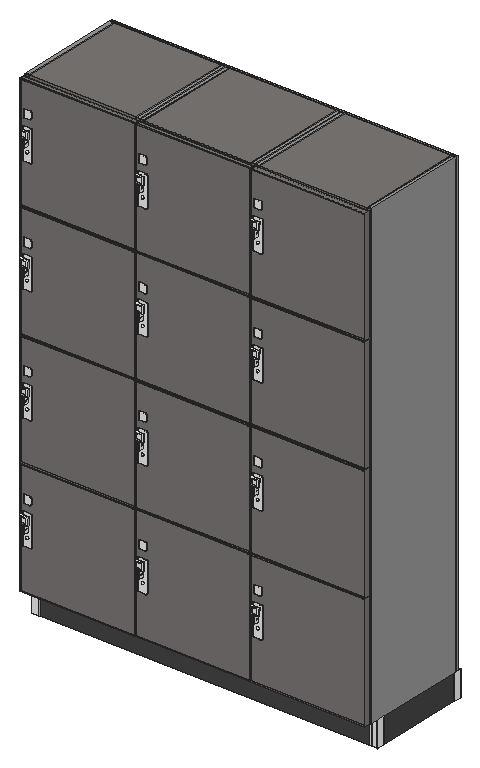
Revit family "Wood_Lockers_Hasps-Salsbury_Industries-18_44000_Series-3_Wide_Units.rfa", category Specialty Equipment, Revit 2016
Family settings
  Part Type = Normal
  Round Connector Dimension = Use Diameter
  OmniClass Number = 23.40.00.00
  OmniClass Title = Equipment and Furnishings
  Work Plane-Based = No
  Always vertical = Yes
  Cut with Voids When Loaded = No
  Shared = No
  Room Calculation Point = No
Parameters (values of type "18-44368")
  Width = 54.000"
  Version = "1.0 (01/31/24)"
  Unit Height including Sloping Hood Only [instance] = 78.868"
  Unit Height including Base Only [instance] = 76.000"
  URL = "www.lockers.com"
  Type Comments = "Premier Wood Lockers - Four Tier - with Hasps"
  Total Doors Height [instance] = if(Unit Height = 72.000", 71.750", if(Unit Height = 60.000", 59.750", 0.000"))  # 71.750"
  Sloping Top Corner Filler - Right Side [instance] = Wood Locker Sloping Corner Fillers : None
  Sloping Top Corner Filler - Left Side [instance] = Wood Locker Sloping Corner Fillers : None
  Sloping In-Line Filler - Right Side [instance] = Wood Locker Sloping In-Line Fillers : None
  Sloping In-Line Filler - Left Side [instance] = Wood Locker Sloping In-Line Fillers : None
  Sloping Hood Height = if(Depth = 15.000", 5.743", if(Depth = 18.000", 6.868", if(Depth = 21.000", 7.993", if(Depth = 24.000", 9.118", 0.000"))))  # 6.868"
  Sloping Hood [instance] = Wood Locker Sloping Hoods : None
  Side Panel without Slope - Right Side [instance] = Wood Locker Side Panels-No Slope : None
  Side Panel without Slope - Left Side [instance] = Wood Locker Side Panels-No Slope : None
  Side Panel with Slope - Right Side [instance] = Wood Locker Side Panels-With Slope : None
  Side Panel with Slope - Left Side [instance] = Wood Locker Side Panels-With Slope : None
  Secondary Structure Materials = Particle Board Industrial Grade - Salsbury Finish - Black Melamine Overlay
  Primary Structure Materials = Particle Board Industrial Grade - Salsbury Finish - Plain
  Overall Unit Height including Base and Sloping Hood [instance] = 82.868"
  OmniClass 23 Title = "Equipment and Furnishings"
  OmniClass 23 Number = "23.40.00.00"
  Model = "18-44368"
  MasterFormat Title = "Lockers"
  MasterFormat Code = "10 51 23"
  Manufacturer = "Salsbury Industries"
  Laminate Surface [instance] = Industrial Grade Particleboard with Wood Laminate - Salsbury Finish - Skyline Walnut
  Unit Height = 72.000"
  Interior Material = Textured Melamine - Salsbury Finish - White
  Individual Door Width [instance] = 17.875"
  Individual Door Height = if(Unit Height = 72.000", 17.796", if(Unit Height = 60.000", 14.796", 0.000"))  # 17.796"
  Hardware = Aluminum - Salsbury Finish - Black Satin
  Front Vertical Filler - Right Side [instance] = Wood Locker Front Fillers : None
  Front Vertical Filler - Left Side [instance] = Wood Locker Front Fillers : None
  Front Corner Filler - Right Side [instance] = Wood Locker Front Corner Filler : None
  Front Corner Filler - Left Side [instance] = Wood Locker Front Corner Filler : None
  Flat Top In-Line Filler - Right Side [instance] = Wood Locker Flat In-Line Fillers : None
  Flat Top In-Line Filler - Left Side [instance] = Wood Locker Flat In-Line Fillers : None
  Flat Top Corner Filler - Right Side [instance] = Wood Locker Flat Corner Fillers : None
  Flat Top Corner Filler - Left Side [instance] = Wood Locker Flat Corner Fillers : None
  Fascia Filler [instance] = Wood Locker Fascia Fillers : None
  Double Side Panel without Slope - Right Side [instance] = Wood Locker Double Side Panels-No Slope : None
  Double Side Panel without Slope - Left Side [instance] = Wood Locker Double Side Panels-No Slope : None
  Double Side Panel with Slope - Right Side [instance] = Wood Locker Double Side Panels-With Slope : None
  Double Side Panel with Slope - Left Side [instance] = Wood Locker Double Side Panels-With Slope : None
  Door Location D1 = Premier Locker Doors_Hasp : Four Tier Door for Six Foot High Locker
  Description = "3 Wide - 6 Feet High - 18 inches Deep - with Base"
  Depth = 18.000"
  Compartment Width [instance] = 16.750"
  Compartment Height [instance] = if(Unit Height = 72.000", 17.063", if(Unit Height = 60.000", 14.063", 0.000"))  # 17.063"
  Compartment Depth [instance] = 16.750"
  Base Material = Particle Board Industrial Grade - Salsbury Finish - Black Melamine Overlay
  Base Height = 4.000"
  Base Depth [instance] = 16.250"
  Base = Wood Locker Bases : Base - 54" W x 18" D Lockers
  Assembly Code = "C1030310"
Reference planes (in)
  plane 1 "Center (Front/Back)": y = 0
  plane 2: z = 0
  plane 3 "Center (Left/Right)": x = 0
  plane 4 "Right Side of Unit": x = 27
  plane 5 "Left Side of Unit": x = -27
  plane 6 "Back of Unit": y = 9
  plane 7 "Front of Unit": y = -9
  plane 8 "Bottom of Base": z = 0
  plane 9 "Top Edge of Unit": z = 76
  plane 10 "Top of Base Edge": z = 4
  plane 11: z = 82.868
  plane 12 "Right Compartment 3 Edge": x = 26.406
  plane 13 "Left Compartment 1 Edge": x = -26.406
  plane 14 "Front Melamine Edge": y = -8
  plane 15 "Back Compartment Edge": y = 8.781
  plane 16 "Front Compartment Edge": y = -7.969
  plane 17 "Front Edge of Base": y = -6.625
  plane 18 "Bottom Edge of Door": z = 4.125
  plane 19 "Top Edge of Door": z = 75.875
  plane 20 "Bottom Compartment Edge": z = 4.75
  plane 21 "Top Compartment Edge": z = 75.25
  plane 22 "Center Top and Bottom": z = 40
  plane 23 "Left Melamine 1 Edge": x = -26.375
  plane 24 "Right Melamine 3 Edge": x = 26.375
  plane 25 "Back Melamine Edge": y = 8.75
  plane 26 "Left Edge of Door": x = -26.875
  plane 27: y = 9.625
  plane 28: y = -7.25
  plane 29 "Base / Ventillation Alignment": y = 9.625
  plane 30 "Compartment 1-2 Dividing Line": x = -9
  plane 31 "Compartment 2-3 Dividing Line": x = 9
  plane 32 "Right Compartment 1 Edge": x = -9.594
  plane 33 "Right Melamine 1 Edge": x = -9.625
  plane 34 "Left Compartment 2 Edge": x = -8.406
  plane 35 "Left Melamine 2 Edge": x = -8.375
  plane 36 "Right Compartment 2 Edge": x = 8.406
  plane 37 "Right Melamine 2 Edge": x = 8.375
  plane 38 "Left Compartment 3 Edge": x = 9.594
  plane 39 "Left Melamine 3 Edge": x = 9.625
  plane 40 "Compartment Shelf 3": z = 22.563
  plane 41: z = 21.813
  plane 42 "Compartment Extrusion Guide": z = 3.5
  plane 43 "Vertical Center of Compartment 1": x = -18
  plane 44 "Vertical Center of Compartment 3": x = 18
  plane 45: z = 21.921
  plane 46: z = 22.109
  plane 47: z = 39.626
  plane 48 "Compartment Shelf 2": z = 40.376
  plane 49: z = 39.905
  plane 50: z = 40.093
  plane 51 "Compartment Shelf 1": z = 58.189
  plane 52: z = 57.439
  plane 53: z = 58.077
  plane 54: z = 57.889
Forms (in)
  Extrusion 1, solid, material "Particle Board Industrial Grade - Salsbury Finish - Plain" <- "Primary Structure Materials"
    sketch origin (27, 0, 0) x (0, -1, 0) y (0, 0, 1)
      loop
        line (7.969, 76) -> (-8.75, 76) -> (-8.75, 4) -> (7.969, 4) -> (7.969, 76)
    from 0 to 0.594
  Extrusion 2, solid, material "Particle Board Industrial Grade - Salsbury Finish - Plain" <- "Primary Structure Materials"
    sketch origin (-27, 0, 0) x (0, -1, 0) y (0, 0, 1)
      loop
        line (-8.75, 76) -> (-8.75, 4) -> (7.969, 4) -> (7.969, 76) -> (-8.75, 76)
    from 0 to -0.594
  Extrusion 3, solid, material "Textured Melamine - Salsbury Finish - White" <- "Interior Material"
    sketch origin (0, 0, 4) x (0, -1, 0) y (1, 0, 0)
      loop
        line (-8.75, -26.375) -> (7.969, -26.375) -> (7.969, 26.375) -> (-8.75, 26.375) -> (-8.75, -26.375)
    from 0 to 0.75
  Extrusion 4, solid, material "Industrial Grade Particleboard with Wood Laminate - Salsbury Finish - Skyline Walnut" <- "Laminate Surface"
    sketch origin (0, 0, 76) x (0, -1, 0) y (1, 0, 0)
      loop
        line (-8.75, -26.375) -> (8, -26.375) -> (8, 26.375) -> (-8.75, 26.375) -> (-8.75, -26.375)
    from 0 to -0.75
  Extrusion 5, solid, material "Particle Board Industrial Grade - Salsbury Finish - Plain" <- "Primary Structure Materials"
    sketch origin (0, 9, 0) x (1, 0, 0) y (0, 0, 1)
      loop
        line (-27, 76) -> (-27, 4) -> (27, 4) -> (27, 76) -> (-27, 76)
    from 0 to 0.219
  Extrusion 6, solid, material "Industrial Grade Particleboard with Wood Laminate - Salsbury Finish - Skyline Walnut" <- "Laminate Surface"
    sketch origin (0, -7.969, 0) x (1, 0, 0) y (0, 0, 1)
      loop
        line (-27, 76) -> (-27, 4) -> (-26.375, 4) -> (-26.375, 76) -> (-27, 76)
    from 0 to 0.031
  Extrusion 7, solid, material "Industrial Grade Particleboard with Wood Laminate - Salsbury Finish - Skyline Walnut" <- "Laminate Surface"
    sketch origin (0, -7.969, 0) x (-1, 0, 0) y (0, 0, -1)
      loop
        line (-27, -76) -> (-26.375, -76) -> (-26.375, -4) -> (-27, -4) -> (-27, -76)
    from 0 to 0.031
  Extrusion 8, solid, material "Textured Melamine - Salsbury Finish - White" <- "Interior Material"
    sketch origin (0, 8.75, 0) x (1, 0, 0) y (0, 0, 1)
      loop
        line (-27, 76) -> (-27, 4) -> (27, 4) -> (27, 76) -> (-27, 76)
    from -0.031 to 0
  Extrusion 9, solid, material "Textured Melamine - Salsbury Finish - White" <- "Interior Material"
    sketch origin (-26.406, 0, 0) x (0, -1, 0) y (0, 0, 1)
      loop
        line (-8.75, 76) -> (-8.75, 4) -> (7.969, 4) -> (7.969, 76) -> (-8.75, 76)
    from 0 to -0.031
  Extrusion 10, solid, material "Textured Melamine - Salsbury Finish - White" <- "Interior Material"
    sketch origin (26.406, 0, 0) x (0, -1, 0) y (0, 0, 1)
      loop
        line (7.969, 76) -> (-8.75, 76) -> (-8.75, 4) -> (7.969, 4) -> (7.969, 76)
    from 0 to 0.031
  Extrusion 11, solid, material "Textured Melamine - Salsbury Finish - White" <- "Interior Material", detail levels fine
    sketch origin (0, 0, 22.563) x (0, -1, 0) y (1, 0, 0)
      loop
        line (-8.75, -26.375) -> (7.969, -26.375) -> (7.969, 26.375) -> (-8.75, 26.375) -> (-8.75, -26.375)
    from 0 to -0.75
  Extrusion 12, void
    sketch origin (0, 0, 76) x (0, -1, 0) y (1, 0, 0)
      loop
        line (-8.75, -9.625) -> (8, -9.625) -> (8, -8.375) -> (-8.75, -8.375) -> (-8.75, -9.625)
    from -72.5 to 0
  Extrusion 13, void
    sketch origin (12, 0, 76) x (0, -1, 0) y (1, 0, 0)
      loop
        line (-8.75, -3.625) -> (8, -3.625) -> (8, -2.375) -> (-8.75, -2.375) -> (-8.75, -3.625)
    from -72.5 to 0
  Extrusion 14, solid, material "Particle Board Industrial Grade - Salsbury Finish - Plain" <- "Primary Structure Materials"
    sketch origin (6.0625, 0, 0) x (0, -1, 0) y (0, 0, 1)
      loop
        line (7.969, 76) -> (-8.75, 76) -> (-8.75, 4) -> (7.969, 4) -> (7.969, 76)
    from -2.9375 to -2.3435
  Extrusion 15, solid, material "Textured Melamine - Salsbury Finish - White" <- "Interior Material"
    sketch origin (5.4685, 0, 0) x (0, -1, 0) y (0, 0, 1)
      loop
        line (7.969, 76) -> (-8.75, 76) -> (-8.75, 4) -> (7.969, 4) -> (7.969, 76)
    from -2.9375 to -2.9065
  Extrusion 16, solid, material "Particle Board Industrial Grade - Salsbury Finish - Plain" <- "Primary Structure Materials"
    sketch origin (-5.9375, 0, 0) x (0, -1, 0) y (0, 0, 1)
      loop
        line (7.969, 76) -> (-8.75, 76) -> (-8.75, 4) -> (7.969, 4) -> (7.969, 76)
    from 3.0625 to 3.6565
  Extrusion 17, solid, material "Textured Melamine - Salsbury Finish - White" <- "Interior Material"
    sketch origin (-6.5315, 0, 0) x (0, -1, 0) y (0, 0, 1)
      loop
        line (7.969, 76) -> (-8.75, 76) -> (-8.75, 4) -> (7.969, 4) -> (7.969, 76)
    from 3.0625 to 3.0935
  Extrusion 18, solid, material "Particle Board Industrial Grade - Salsbury Finish - Plain" <- "Primary Structure Materials"
    sketch origin (-5.9375, 0, 0) x (0, -1, 0) y (0, 0, 1)
      loop
        line (-8.75, 76) -> (-8.75, 4) -> (7.969, 4) -> (7.969, 76) -> (-8.75, 76)
    from 3.0625 to 2.4685
  Extrusion 19, solid, material "Textured Melamine - Salsbury Finish - White" <- "Interior Material"
    sketch origin (-5.3435, 0, 0) x (0, -1, 0) y (0, 0, 1)
      loop
        line (-8.75, 76) -> (-8.75, 4) -> (7.969, 4) -> (7.969, 76) -> (-8.75, 76)
    from 3.0625 to 3.0315
  Extrusion 20, solid, material "Particle Board Industrial Grade - Salsbury Finish - Plain" <- "Primary Structure Materials"
    sketch origin (6.0625, 0, 0) x (0, -1, 0) y (0, 0, 1)
      loop
        line (-8.75, 76) -> (-8.75, 4) -> (7.969, 4) -> (7.969, 76) -> (-8.75, 76)
    from -2.9375 to -3.5315
  Extrusion 21, solid, material "Textured Melamine - Salsbury Finish - White" <- "Interior Material"
    sketch origin (6.6565, 0, 0) x (0, -1, 0) y (0, 0, 1)
      loop
        line (-8.75, 76) -> (-8.75, 4) -> (7.969, 4) -> (7.969, 76) -> (-8.75, 76)
    from -2.9375 to -2.9685
  Extrusion 22, solid, material "Industrial Grade Particleboard with Wood Laminate - Salsbury Finish - Skyline Walnut" <- "Laminate Surface"
    sketch origin (11.375, -7.969, 0) x (1, 0, 0) y (0, 0, 1)
      loop
        line (-21, 76) -> (-21, 4) -> (-19.75, 4) -> (-19.75, 76) -> (-21, 76)
    from 0 to 0.031
  Extrusion 23, solid, material "Industrial Grade Particleboard with Wood Laminate - Salsbury Finish - Skyline Walnut" <- "Laminate Surface"
    sketch origin (23.375, -7.969, 0) x (1, 0, 0) y (0, 0, 1)
      loop
        line (-15, 76) -> (-15, 4) -> (-13.75, 4) -> (-13.75, 76) -> (-15, 76)
    from 0 to 0.031
  Extrusion 24, solid, material "Textured Melamine - Salsbury Finish - White" <- "Interior Material", detail levels fine
    sketch origin (0, 0, 40.376) x (0, -1, 0) y (1, 0, 0)
      loop
        line (-8.75, -26.375) -> (7.969, -26.375) -> (7.969, 26.375) -> (-8.75, 26.375) -> (-8.75, -26.375)
    from 0 to -0.75
  Extrusion 25, solid, material "Textured Melamine - Salsbury Finish - White" <- "Interior Material", detail levels fine
    sketch origin (0, 0, 58.189) x (0, -1, 0) y (1, 0, 0)
      loop
        line (-8.75, -26.375) -> (7.969, -26.375) -> (7.969, 26.375) -> (-8.75, 26.375) -> (-8.75, -26.375)
    from 0 to -0.75
  Extrusion 26, solid, material "Industrial Grade Particleboard with Wood Laminate - Salsbury Finish - Skyline Walnut" <- "Laminate Surface"
    sketch origin (0, -8, 0) x (1, 0, 0) y (0, 0, 1)
      loop
        line (-26.375, 58.189) -> (-26.375, 57.439) -> (26.375, 57.439) -> (26.375, 58.189) -> (-26.375, 58.189)
    from 0 to -0.031
  Extrusion 27, solid, material "Industrial Grade Particleboard with Wood Laminate - Salsbury Finish - Skyline Walnut" <- "Laminate Surface"
    sketch origin (0, -8, 0) x (1, 0, 0) y (0, 0, 1)
      loop
        line (-26.375, 40.376) -> (-26.375, 39.626) -> (26.375, 39.626) -> (26.375, 40.376) -> (-26.375, 40.376)
    from 0 to -0.031
  Extrusion 28, solid, material "Industrial Grade Particleboard with Wood Laminate - Salsbury Finish - Skyline Walnut" <- "Laminate Surface"
    sketch origin (0, -8, 0) x (1, 0, 0) y (0, 0, 1)
      loop
        line (-26.375, 22.563) -> (-26.375, 21.813) -> (26.375, 21.813) -> (26.375, 22.563) -> (-26.375, 22.563)
    from 0 to -0.031
  Extrusion 29, solid, material "Industrial Grade Particleboard with Wood Laminate - Salsbury Finish - Skyline Walnut" <- "Laminate Surface"
    sketch origin (0, -8, 0) x (1, 0, 0) y (0, 0, 1)
      loop
        line (-26.375, 4.75) -> (-26.375, 4) -> (26.375, 4) -> (26.375, 4.75) -> (-26.375, 4.75)
    from 0 to -0.031
Cuts and joins
  Extrusion 12, Extrusion 13 cuts Extrusion 4
  Extrusion 12, Extrusion 13 cuts Extrusion 11
  Extrusion 12, Extrusion 13 cuts Extrusion 3
  Extrusion 13 cuts Extrusion 8
  Extrusion 12, Extrusion 13 cuts Extrusion 24
  Extrusion 12, Extrusion 13 cuts Extrusion 25
Lines and regions (in)
  symbolic lines
    curve 1: line (-27, 8.75, 76) -> (27.00006, 8.75, 76)
    curve 2: line (-27, 8.75, 0) -> (-27, 8.75, 76)
    curve 3: line (27.00006, 8.75, 76) -> (27.00006, 8.75, 0)
    curve 4: line (26.406, -8, 76) -> (26.406, 9.625, 76)
    curve 5: line (26.406, -8, 0) -> (26.406, -8, 76)
    curve 6: line (26.406, 9.625, 76) -> (26.406, 9.625, 0)
    curve 7: line (27.00006, 8.75, 0) -> (-27, 8.75, 0)
    curve 8: line (26.406, -6.625, 0) -> (26.406, 9.625, 0)
    curve 9: line (26.406, 9.625, 0) -> (26.406, -6.625, 0)
    curve 10: line (26.406, -8, 0) -> (26.406, 9.625, 0)
    curve 11: line (-27, 9.625, 0) -> (27, 9.625, 0)
    curve 12: line (-27, -8, 0) -> (-27, 9.625, 0)
    curve 13: line (27, -8, 0) -> (-27, -8, 0)
    curve 14: line (27, 9.625, 0) -> (27, -8, 0)
Dimensions and locks (in)
  equal spacing: plane 5 "Left Side of Unit", plane 43 "Vertical Center of Compartment 1", plane 30 "Compartment 1-2 Dividing Line", plane 3 "Center (Left/Right)", plane 31 "Compartment 2-3 Dividing Line", plane 44 "Vertical Center of Compartment 3", plane 4 "Right Side of Unit"
  "Width": plane 5 "Left Side of Unit" to plane 4 "Right Side of Unit"
  equal spacing: plane 7 "Front of Unit", plane 1 "Center (Front/Back)", plane 6 "Back of Unit"
  "Depth": plane 7 "Front of Unit" to plane 6 "Back of Unit"
  "Base Height": plane 10 "Top of Base Edge" to plane 8 "Bottom of Base"
  "Unit Height": plane 9 "Top Edge of Unit" to plane 10 "Top of Base Edge"
  "Sloping Hood Height": plane 11 to plane 9 "Top Edge of Unit"
  locked: plane 12 "Right Compartment 3 Edge" to plane 4 "Right Side of Unit" at 0.594
  locked: plane 5 "Left Side of Unit" to plane 13 "Left Compartment 1 Edge" at 0.594
  locked: plane 7 "Front of Unit" to plane 14 "Front Melamine Edge" at 1
  locked: plane 15 "Back Compartment Edge" to plane 6 "Back of Unit" at 0.219
  locked: plane 14 "Front Melamine Edge" to plane 16 "Front Compartment Edge" at 0.031
  plane 18 "Bottom Edge of Door" to plane 10 "Top of Base Edge" = 0.125"
  plane 9 "Top Edge of Unit" to plane 19 "Top Edge of Door" = 0.125"
  plane 20 "Bottom Compartment Edge" to plane 10 "Top of Base Edge" = 0.750"
  plane 9 "Top Edge of Unit" to plane 21 "Top Compartment Edge" = 0.750"
  equal spacing: plane 9 "Top Edge of Unit", plane 22 "Center Top and Bottom", plane 10 "Top of Base Edge"
  locked: plane 24 "Right Melamine 3 Edge" to plane 12 "Right Compartment 3 Edge" at 0.031
  locked: plane 13 "Left Compartment 1 Edge" to plane 23 "Left Melamine 1 Edge" at 0.031
  locked: plane 25 "Back Melamine Edge" to plane 15 "Back Compartment Edge" at 0.031
  locked: plane 5 "Left Side of Unit" to plane 26 "Left Edge of Door" at 0.125
  "Individual Door Width": plane 26 "Left Edge of Door" to plane 30 "Compartment 1-2 Dividing Line"
  "Total Doors Height": plane 19 "Top Edge of Door" to plane 18 "Bottom Edge of Door"
  "Unit Height including Base Only": plane 9 "Top Edge of Unit" to plane 8 "Bottom of Base"
  "Unit Height including Sloping Hood Only": plane 11 to plane 10 "Top of Base Edge"
  "Overall Unit Height including Base and Sloping Hood": plane 11 to plane 8 "Bottom of Base"
  locked: plane 7 "Front of Unit" to plane 17 "Front Edge of Base" at 2.375
  locked: plane 6 "Back of Unit" to plane 27 at 0.625
  "Base Depth": plane 17 "Front Edge of Base" to plane 27
  "Compartment Width": plane 23 "Left Melamine 1 Edge" to plane 33 "Right Melamine 1 Edge"
  "Compartment Height": plane 41 to plane 20 "Bottom Compartment Edge"
  "Compartment Depth": plane 14 "Front Melamine Edge" to plane 25 "Back Melamine Edge"
  locked: plane 14 "Front Melamine Edge" to plane 28 at 0.75
  plane 14 "Front Melamine Edge" to plane 27 = 17.625"
  Extrusion 2 to Extrusion 9 = 16.719"
  plane 6 "Back of Unit" to plane 29 "Base / Ventillation Alignment" = 0.625"
  plane 32 "Right Compartment 1 Edge" to plane 30 "Compartment 1-2 Dividing Line" to plane 34 "Left Compartment 2 Edge" = 0.594" locked, 0.594" locked
  plane 36 "Right Compartment 2 Edge" to plane 31 "Compartment 2-3 Dividing Line" to plane 38 "Left Compartment 3 Edge" = 0.594" locked, 0.594" locked
  locked: plane 37 "Right Melamine 2 Edge" to plane 36 "Right Compartment 2 Edge" at 0.031
  locked: plane 38 "Left Compartment 3 Edge" to plane 39 "Left Melamine 3 Edge" at 0.031
  locked: plane 34 "Left Compartment 2 Edge" to plane 35 "Left Melamine 2 Edge" at 0.031
  plane 33 "Right Melamine 1 Edge" to plane 32 "Right Compartment 1 Edge" = 0.031"
  locked: plane 40 "Compartment Shelf 3" to plane 41 at 0.75
  locked: plane 10 "Top of Base Edge" to plane 42 "Compartment Extrusion Guide" at 0.5
  locked: plane 46 to plane 45 at 0.188
  "Individual Door Height": plane 45 to plane 18 "Bottom Edge of Door"
  locked: plane 48 "Compartment Shelf 2" to plane 47 at 0.75
  locked: plane 50 to plane 49 at 0.188
  "Individual Door Height": plane 49 to plane 46
  "Compartment Height": plane 47 to plane 40 "Compartment Shelf 3"
  locked: plane 53 to plane 54 at 0.188
  locked: plane 51 "Compartment Shelf 1" to plane 52 at 0.75
  "Individual Door Height": plane 54 to plane 50
  "Compartment Height": plane 52 to plane 48 "Compartment Shelf 2"
  aligned and locked: level to plane 2
  aligned and locked: Extrusion 5 to plane 15 "Back Compartment Edge"
  aligned and locked: plane 4 "Right Side of Unit" to nested 1
  aligned and locked: plane 18 "Bottom Edge of Door" to nested 1
  aligned and locked: plane 7 "Front of Unit" to nested 1
  aligned and locked: plane 5 "Left Side of Unit" to nested 2
  aligned and locked: nested 2 to plane 14 "Front Melamine Edge"
  aligned and locked: nested 2 to plane 9 "Top Edge of Unit"
  aligned and locked: plane 4 "Right Side of Unit" to nested 3
  aligned and locked: nested 3 to plane 9 "Top Edge of Unit"
  aligned and locked: nested 3 to plane 14 "Front Melamine Edge"
  aligned and locked: plane 9 "Top Edge of Unit" to nested 4
  aligned and locked: plane 28 to nested 4
  aligned and locked: plane 28 to nested 5
  aligned and locked: plane 5 "Left Side of Unit" to nested 5
  aligned and locked: plane 4 "Right Side of Unit" to nested 4
  aligned and locked: plane 9 "Top Edge of Unit" to nested 5
  aligned and locked: nested 7 to plane 5 "Left Side of Unit"
  aligned and locked: nested 6 to plane 4 "Right Side of Unit"
  aligned and locked: plane 14 "Front Melamine Edge" to nested 6
  aligned and locked: plane 14 "Front Melamine Edge" to nested 7
  aligned and locked: plane 10 "Top of Base Edge" to nested 6
  aligned and locked: plane 10 "Top of Base Edge" to nested 7
  aligned and locked: plane 5 "Left Side of Unit" to nested 8
  aligned and locked: plane 4 "Right Side of Unit" to nested 9
  aligned and locked: nested 9 to plane 10 "Top of Base Edge"
  aligned and locked: nested 8 to plane 10 "Top of Base Edge"
  aligned and locked: plane 16 "Front Compartment Edge" to nested 9
  aligned and locked: plane 14 "Front Melamine Edge" to nested 8
  aligned and locked: plane 4 "Right Side of Unit" to nested 10
  aligned and locked: nested 10 to plane 10 "Top of Base Edge"
  aligned and locked: plane 14 "Front Melamine Edge" to nested 10
  aligned and locked: plane 14 "Front Melamine Edge" to nested 11
  aligned and locked: nested 11 to nested 3
  aligned and locked: plane 10 "Top of Base Edge" to nested 11
  aligned and locked: nested 12 to plane 5 "Left Side of Unit"
  aligned and locked: plane 14 "Front Melamine Edge" to nested 12
  aligned and locked: plane 10 "Top of Base Edge" to nested 12
  aligned and locked: plane 14 "Front Melamine Edge" to nested 13
  aligned and locked: nested 13 to plane 4 "Right Side of Unit"
  aligned and locked: plane 14 "Front Melamine Edge" to nested 14
  aligned and locked: nested 14 to plane 5 "Left Side of Unit"
  aligned and locked: plane 10 "Top of Base Edge" to nested 13
  aligned and locked: plane 10 "Top of Base Edge" to nested 14
  aligned and locked: plane 14 "Front Melamine Edge" to nested 15
  aligned and locked: plane 4 "Right Side of Unit" to nested 15
  aligned and locked: plane 14 "Front Melamine Edge" to nested 16
  aligned and locked: plane 5 "Left Side of Unit" to nested 16
  aligned and locked: nested 15 to plane 8 "Bottom of Base"
  aligned and locked: nested 16 to plane 8 "Bottom of Base"
  aligned and locked: nested 17 to plane 5 "Left Side of Unit"
  aligned and locked: nested 18 to plane 4 "Right Side of Unit"
  aligned and locked: nested 18 to plane 14 "Front Melamine Edge"
  aligned and locked: nested 17 to plane 14 "Front Melamine Edge"
  aligned and locked: plane 8 "Bottom of Base" to nested 18
  aligned and locked: plane 8 "Bottom of Base" to nested 17
  aligned and locked: nested 19 to plane 17 "Front Edge of Base"
  aligned and locked: nested 20 to plane 9 "Top Edge of Unit"
  aligned and locked: plane 5 "Left Side of Unit" to nested 20
  aligned and locked: nested 21 to plane 9 "Top Edge of Unit"
  aligned and locked: plane 4 "Right Side of Unit" to nested 21
  aligned and locked: nested 21 to plane 14 "Front Melamine Edge"
  aligned and locked: nested 20 to plane 14 "Front Melamine Edge"
  aligned and locked: nested 23 to plane 9 "Top Edge of Unit"
  aligned and locked: plane 4 "Right Side of Unit" to nested 23
  aligned and locked: nested 22 to plane 9 "Top Edge of Unit"
  aligned and locked: plane 5 "Left Side of Unit" to nested 22
  aligned and locked: nested 23 to plane 28
  aligned and locked: nested 22 to plane 28
  aligned and locked: nested 19 to plane 8 "Bottom of Base"
  aligned and locked: plane 3 "Center (Left/Right)" to nested 19
  aligned and locked: Extrusion 3 sketch curve to plane 25 "Back Melamine Edge"
  aligned and locked: Extrusion 3 sketch curve to plane 23 "Left Melamine 1 Edge"
  aligned and locked: plane 24 "Right Melamine 3 Edge" to Extrusion 3 sketch curve
  aligned and locked: Extrusion 4 sketch curve to plane 25 "Back Melamine Edge"
  aligned and locked: plane 24 "Right Melamine 3 Edge" to Extrusion 4 sketch curve
  aligned and locked: Extrusion 4 sketch curve to plane 23 "Left Melamine 1 Edge"
  aligned and locked: Extrusion 4 sketch curve to plane 14 "Front Melamine Edge"
  aligned and locked: Extrusion 4 to plane 9 "Top Edge of Unit"
  aligned and locked: Extrusion 4 to plane 21 "Top Compartment Edge"
  aligned and locked: Extrusion 2 sketch curve to plane 9 "Top Edge of Unit"
  aligned and locked: plane 16 "Front Compartment Edge" to Extrusion 2 sketch curve
  aligned and locked: Extrusion 2 sketch curve to plane 25 "Back Melamine Edge"
  aligned and locked: plane 10 "Top of Base Edge" to Extrusion 2 sketch curve
  aligned and locked: Extrusion 2 to plane 13 "Left Compartment 1 Edge"
  aligned and locked: plane 5 "Left Side of Unit" to Extrusion 2
  aligned and locked: plane 10 "Top of Base Edge" to Extrusion 9 sketch curve
  aligned and locked: Extrusion 9 sketch curve to plane 25 "Back Melamine Edge"
  aligned and locked: Extrusion 9 sketch curve to plane 9 "Top Edge of Unit"
  aligned and locked: Extrusion 1 sketch curve to plane 16 "Front Compartment Edge"
  aligned and locked: plane 9 "Top Edge of Unit" to Extrusion 1 sketch curve
  aligned and locked: Extrusion 1 sketch curve to plane 10 "Top of Base Edge"
  aligned and locked: plane 25 "Back Melamine Edge" to Extrusion 1 sketch curve
  aligned and locked: Extrusion 1 to plane 4 "Right Side of Unit"
  aligned and locked: plane 12 "Right Compartment 3 Edge" to Extrusion 1
  aligned and locked: Extrusion 10 sketch curve to plane 10 "Top of Base Edge"
  aligned and locked: plane 25 "Back Melamine Edge" to Extrusion 10 sketch curve
  aligned and locked: Extrusion 10 sketch curve to plane 16 "Front Compartment Edge"
  aligned and locked: plane 9 "Top Edge of Unit" to Extrusion 10 sketch curve
  aligned and locked: Extrusion 10 to plane 12 "Right Compartment 3 Edge"
  aligned and locked: plane 24 "Right Melamine 3 Edge" to Extrusion 10
  aligned and locked: Extrusion 8 sketch curve to plane 10 "Top of Base Edge"
  aligned and locked: plane 4 "Right Side of Unit" to Extrusion 8 sketch curve
  aligned and locked: Extrusion 8 sketch curve to plane 9 "Top Edge of Unit"
  aligned and locked: Extrusion 8 sketch curve to plane 5 "Left Side of Unit"
  aligned and locked: Extrusion 8 to plane 15 "Back Compartment Edge"
  aligned and locked: Extrusion 8 to plane 25 "Back Melamine Edge"
  aligned and locked: Extrusion 5 sketch curve to plane 9 "Top Edge of Unit"
  aligned and locked: Extrusion 5 sketch curve to plane 5 "Left Side of Unit"
  aligned and locked: Extrusion 5 sketch curve to plane 10 "Top of Base Edge"
  aligned and locked: plane 4 "Right Side of Unit" to Extrusion 5 sketch curve
  aligned and locked: Extrusion 7 sketch curve to plane 9 "Top Edge of Unit"
  aligned and locked: Extrusion 7 sketch curve to plane 4 "Right Side of Unit"
  aligned and locked: plane 24 "Right Melamine 3 Edge" to Extrusion 7 sketch curve
  aligned and locked: plane 10 "Top of Base Edge" to Extrusion 7 sketch curve
  aligned and locked: Extrusion 7 to plane 16 "Front Compartment Edge"
  aligned and locked: plane 14 "Front Melamine Edge" to Extrusion 7
  aligned and locked: plane 10 "Top of Base Edge" to Extrusion 6 sketch curve
  aligned and locked: plane 23 "Left Melamine 1 Edge" to Extrusion 6 sketch curve
  aligned and locked: Extrusion 6 sketch curve to plane 5 "Left Side of Unit"
  aligned and locked: Extrusion 6 sketch curve to plane 9 "Top Edge of Unit"
  aligned and locked: plane 16 "Front Compartment Edge" to Extrusion 6
  aligned and locked: Extrusion 6 to plane 14 "Front Melamine Edge"
  aligned and locked: Extrusion 9 to plane 16 "Front Compartment Edge"
  aligned and locked: plane 13 "Left Compartment 1 Edge" to Extrusion 9
  aligned and locked: nested 2 to curve 1
  aligned and locked: curve 2 to nested 16
  aligned and locked: nested 15 to curve 5
  aligned and locked: curve 9 to nested 19
  aligned and locked: curve 10 to nested 15
  aligned and locked: curve 13 to plane 14 "Front Melamine Edge"
  aligned and locked: curve 12 to plane 5 "Left Side of Unit"
  aligned and locked: curve 11 to plane 29 "Base / Ventillation Alignment"
  aligned and locked: plane 29 "Base / Ventillation Alignment" to curve 6
  aligned and locked: plane 14 "Front Melamine Edge" to nested 24
  aligned and locked: plane 9 "Top Edge of Unit" to nested 24
  aligned and locked: plane 3 "Center (Left/Right)" to nested 24
  aligned and locked: plane 14 "Front Melamine Edge" to nested 25
  aligned and locked: plane 3 "Center (Left/Right)" to nested 25
  aligned and locked: plane 9 "Top Edge of Unit" to nested 25
  aligned and locked: Extrusion 11 sketch curve to plane 25 "Back Melamine Edge"
  aligned and locked: Extrusion 11 sketch curve to plane 23 "Left Melamine 1 Edge"
  aligned and locked: plane 24 "Right Melamine 3 Edge" to Extrusion 11 sketch curve
  aligned and locked: Extrusion 12 sketch curve to plane 25 "Back Melamine Edge"
  aligned and locked: plane 33 "Right Melamine 1 Edge" to Extrusion 12 sketch curve
  aligned and locked: plane 14 "Front Melamine Edge" to Extrusion 12 sketch curve
  aligned and locked: Extrusion 12 sketch curve to plane 35 "Left Melamine 2 Edge"
  aligned and locked: Extrusion 12 to plane 9 "Top Edge of Unit"
  aligned and locked: plane 42 "Compartment Extrusion Guide" to Extrusion 12
  aligned and locked: Extrusion 13 sketch curve to plane 37 "Right Melamine 2 Edge"
  aligned and locked: plane 39 "Left Melamine 3 Edge" to Extrusion 13 sketch curve
  aligned and locked: plane 25 "Back Melamine Edge" to Extrusion 13 sketch curve
  aligned and locked: Extrusion 13 sketch curve to plane 14 "Front Melamine Edge"
  aligned and locked: plane 42 "Compartment Extrusion Guide" to Extrusion 13
  aligned and locked: Extrusion 13 to plane 9 "Top Edge of Unit"
  aligned and locked: plane 9 "Top Edge of Unit" to Extrusion 14 sketch curve
  aligned and locked: plane 25 "Back Melamine Edge" to Extrusion 14 sketch curve
  aligned and locked: Extrusion 14 sketch curve to plane 10 "Top of Base Edge"
  aligned and locked: Extrusion 14 sketch curve to plane 16 "Front Compartment Edge"
  aligned and locked: plane 36 "Right Compartment 2 Edge" to Extrusion 14
  aligned and locked: Extrusion 14 to plane 31 "Compartment 2-3 Dividing Line"
  aligned and locked: plane 25 "Back Melamine Edge" to Extrusion 15 sketch curve
  aligned and locked: plane 9 "Top Edge of Unit" to Extrusion 15 sketch curve
  aligned and locked: Extrusion 15 sketch curve to plane 10 "Top of Base Edge"
  aligned and locked: Extrusion 15 sketch curve to plane 16 "Front Compartment Edge"
  aligned and locked: Extrusion 15 to plane 36 "Right Compartment 2 Edge"
  aligned and locked: plane 37 "Right Melamine 2 Edge" to Extrusion 15
  aligned and locked: plane 25 "Back Melamine Edge" to Extrusion 16 sketch curve
  aligned and locked: plane 9 "Top Edge of Unit" to Extrusion 16 sketch curve
  aligned and locked: Extrusion 16 sketch curve to plane 10 "Top of Base Edge"
  aligned and locked: Extrusion 16 sketch curve to plane 16 "Front Compartment Edge"
  aligned and locked: plane 32 "Right Compartment 1 Edge" to Extrusion 16
  aligned and locked: Extrusion 16 to plane 30 "Compartment 1-2 Dividing Line"
  aligned and locked: plane 25 "Back Melamine Edge" to Extrusion 17 sketch curve
  aligned and locked: plane 9 "Top Edge of Unit" to Extrusion 17 sketch curve
  aligned and locked: Extrusion 17 sketch curve to plane 10 "Top of Base Edge"
  aligned and locked: Extrusion 17 sketch curve to plane 16 "Front Compartment Edge"
  aligned and locked: Extrusion 17 to plane 32 "Right Compartment 1 Edge"
  aligned and locked: plane 33 "Right Melamine 1 Edge" to Extrusion 17
  aligned and locked: plane 10 "Top of Base Edge" to Extrusion 18 sketch curve
  aligned and locked: plane 16 "Front Compartment Edge" to Extrusion 18 sketch curve
  aligned and locked: Extrusion 18 sketch curve to plane 25 "Back Melamine Edge"
  aligned and locked: Extrusion 18 sketch curve to plane 9 "Top Edge of Unit"
  aligned and locked: Extrusion 18 to plane 34 "Left Compartment 2 Edge"
  aligned and locked: plane 30 "Compartment 1-2 Dividing Line" to Extrusion 18
  aligned and locked: Extrusion 19 sketch curve to plane 25 "Back Melamine Edge"
  aligned and locked: Extrusion 19 sketch curve to plane 9 "Top Edge of Unit"
  aligned and locked: plane 10 "Top of Base Edge" to Extrusion 19 sketch curve
  aligned and locked: plane 16 "Front Compartment Edge" to Extrusion 19 sketch curve
  aligned and locked: Extrusion 19 to plane 35 "Left Melamine 2 Edge"
  aligned and locked: plane 34 "Left Compartment 2 Edge" to Extrusion 19
  aligned and locked: plane 16 "Front Compartment Edge" to Extrusion 20 sketch curve
  aligned and locked: plane 10 "Top of Base Edge" to Extrusion 20 sketch curve
  aligned and locked: Extrusion 20 sketch curve to plane 9 "Top Edge of Unit"
  aligned and locked: Extrusion 20 sketch curve to plane 25 "Back Melamine Edge"
  aligned and locked: plane 31 "Compartment 2-3 Dividing Line" to Extrusion 20
  aligned and locked: Extrusion 20 to plane 38 "Left Compartment 3 Edge"
  aligned and locked: Extrusion 21 sketch curve to plane 25 "Back Melamine Edge"
  aligned and locked: Extrusion 21 sketch curve to plane 9 "Top Edge of Unit"
  aligned and locked: plane 10 "Top of Base Edge" to Extrusion 21 sketch curve
  aligned and locked: plane 16 "Front Compartment Edge" to Extrusion 21 sketch curve
  aligned and locked: Extrusion 21 to plane 39 "Left Melamine 3 Edge"
  aligned and locked: plane 38 "Left Compartment 3 Edge" to Extrusion 21
  aligned and locked: plane 31 "Compartment 2-3 Dividing Line" to nested 26
  aligned and locked: plane 30 "Compartment 1-2 Dividing Line" to nested 27
  aligned and locked: plane 18 "Bottom Edge of Door" to nested 26
  aligned and locked: nested 27 to plane 18 "Bottom Edge of Door"
  aligned and locked: plane 7 "Front of Unit" to nested 26
  aligned and locked: nested 27 to plane 7 "Front of Unit"
  aligned and locked: Extrusion 22 sketch curve to plane 33 "Right Melamine 1 Edge"
  aligned and locked: plane 9 "Top Edge of Unit" to Extrusion 22 sketch curve
  aligned and locked: plane 35 "Left Melamine 2 Edge" to Extrusion 22 sketch curve
  aligned and locked: Extrusion 22 sketch curve to plane 10 "Top of Base Edge"
  aligned and locked: Extrusion 22 to plane 16 "Front Compartment Edge"
  aligned and locked: plane 14 "Front Melamine Edge" to Extrusion 22
  aligned and locked: plane 9 "Top Edge of Unit" to Extrusion 23 sketch curve
  aligned and locked: Extrusion 23 sketch curve to plane 37 "Right Melamine 2 Edge"
  aligned and locked: plane 39 "Left Melamine 3 Edge" to Extrusion 23 sketch curve
  aligned and locked: Extrusion 23 sketch curve to plane 10 "Top of Base Edge"
  aligned and locked: Extrusion 23 to plane 16 "Front Compartment Edge"
  aligned and locked: plane 14 "Front Melamine Edge" to Extrusion 23
  aligned and locked: nested 30 to plane 46
  aligned and locked: plane 46 to nested 29
  aligned and locked: plane 30 "Compartment 1-2 Dividing Line" to nested 30
  aligned and locked: plane 31 "Compartment 2-3 Dividing Line" to nested 29
  aligned and locked: plane 46 to nested 28
  aligned and locked: plane 4 "Right Side of Unit" to nested 28
  aligned and locked: plane 7 "Front of Unit" to nested 28
  aligned and locked: plane 7 "Front of Unit" to nested 29
  aligned and locked: nested 30 to plane 7 "Front of Unit"
  aligned and locked: Extrusion 24 sketch curve to plane 25 "Back Melamine Edge"
  aligned and locked: plane 24 "Right Melamine 3 Edge" to Extrusion 24 sketch curve
  aligned and locked: Extrusion 24 sketch curve to plane 23 "Left Melamine 1 Edge"
  aligned and locked: plane 7 "Front of Unit" to nested 31
  aligned and locked: plane 7 "Front of Unit" to nested 32
  aligned and locked: nested 33 to plane 7 "Front of Unit"
  aligned and locked: plane 50 to nested 31
  aligned and locked: plane 50 to nested 32
  aligned and locked: nested 33 to plane 50
  aligned and locked: plane 4 "Right Side of Unit" to nested 31
  aligned and locked: plane 31 "Compartment 2-3 Dividing Line" to nested 32
  aligned and locked: plane 30 "Compartment 1-2 Dividing Line" to nested 33
  aligned and locked: Extrusion 25 sketch curve to plane 23 "Left Melamine 1 Edge"
  aligned and locked: Extrusion 25 sketch curve to plane 25 "Back Melamine Edge"
  aligned and locked: plane 24 "Right Melamine 3 Edge" to Extrusion 25 sketch curve
  aligned and locked: plane 7 "Front of Unit" to nested 34
  aligned and locked: plane 7 "Front of Unit" to nested 35
  aligned and locked: nested 36 to plane 7 "Front of Unit"
  aligned and locked: plane 4 "Right Side of Unit" to nested 34
  aligned and locked: plane 53 to nested 34
  aligned and locked: plane 31 "Compartment 2-3 Dividing Line" to nested 35
  aligned and locked: plane 53 to nested 35
  aligned and locked: plane 30 "Compartment 1-2 Dividing Line" to nested 36
  aligned and locked: nested 36 to plane 53
  aligned and locked: Extrusion 25 to plane 16 "Front Compartment Edge"
  aligned and locked: Extrusion 24 to plane 16 "Front Compartment Edge"
  aligned and locked: Extrusion 11 to plane 16 "Front Compartment Edge"
  aligned and locked: Extrusion 3 to plane 16 "Front Compartment Edge"
  aligned and locked: Extrusion 26 sketch curve to cut or joined group of Extrusion 12, Extrusion 13, Extrusion 25  (x4)
  aligned and locked: Extrusion 26 to plane 14 "Front Melamine Edge"
  aligned and locked: Extrusion 26 to plane 16 "Front Compartment Edge"
  aligned and locked: Extrusion 27 sketch curve to cut or joined group of Extrusion 12, Extrusion 13, Extrusion 24  (x4)
  aligned and locked: Extrusion 27 to plane 14 "Front Melamine Edge"
  aligned and locked: Extrusion 27 to plane 16 "Front Compartment Edge"
  aligned and locked: Extrusion 28 sketch curve to cut or joined group of Extrusion 11, Extrusion 12, Extrusion 13  (x4)
  aligned and locked: Extrusion 28 to plane 14 "Front Melamine Edge"
  aligned and locked: Extrusion 28 to plane 16 "Front Compartment Edge"
  aligned and locked: Extrusion 29 sketch curve to cut or joined group of Extrusion 3, Extrusion 12, Extrusion 13  (x3)
  aligned and locked: Extrusion 7 to Extrusion 29 sketch curve
  aligned and locked: Extrusion 29 to plane 14 "Front Melamine Edge"
  aligned and locked: Extrusion 29 to plane 16 "Front Compartment Edge"
Automatic sketch dimensions
  Extrusion 9 sketch curve to plane 16 "Front Compartment Edge" = 0.000"
  curve 3 to level = 0.000"
  curve 3 to plane 4 "Right Side of Unit" = 0.00006"
  curve 8 to plane 17 "Front Edge of Base" = 0.000"
  curve 9 to plane 17 "Front Edge of Base" = 0.000"
  plane 9 "Top Edge of Unit" to curve 5 = 0.000"
  curve 13 to plane 4 "Right Side of Unit" = 0.000"
  Extrusion 25 sketch curve to plane 14 "Front Melamine Edge" = 0.031"
  Extrusion 24 sketch curve to plane 14 "Front Melamine Edge" = 0.031"
  Extrusion 11 sketch curve to plane 14 "Front Melamine Edge" = 0.031"
  Extrusion 3 sketch curve to plane 14 "Front Melamine Edge" = 0.031"
Nested families (in)
  nested 1: "Premier Locker Doors_Hasp" at (18.0625, -8.625, 4.125), type <- "Door Location D1", type "Four Tier Door for Six Foot High Locker"
  nested 2: "Wood Locker Sloping Corner Fillers" at (-36.25, -1, 76), type <- "Sloping Top Corner Filler - Left Side", type "None"
  nested 3: "Wood Locker Sloping Corner Fillers" at (36.25, -1, 76) x (-1, 0, 0) z (0, 0, 1), type <- "Sloping Top Corner Filler - Right Side", type "None"
  nested 4: "Wood Locker Flat Corner Fillers" at (34.5, -3.625, 75.25), type <- "Flat Top Corner Filler - Right Side", type "None"
  nested 5: "Wood Locker Flat Corner Fillers" at (-34.5, -3.625, 75.25) x (-1, 0, 0) z (0, 0, 1), type <- "Flat Top Corner Filler - Left Side", type "None"
  nested 6: "Wood Locker Side Panels-No Slope" at (27.375, -1, 4) x (0, 1, 0) z (0, 0, 1), type <- "Side Panel without Slope - Right Side", type "None"
  nested 7: "Wood Locker Side Panels-No Slope" at (-27.375, -1, 4) x (0, 1, 0) z (0, 0, 1), type <- "Side Panel without Slope - Left Side", type "None"
  nested 8: "Wood Locker Side Panels-With Slope" at (-27.375, -0.6875, 4) x (0, -1, 0) z (0, 0, 1), type <- "Side Panel with Slope - Left Side", type "None"
  nested 9: "Wood Locker Side Panels-With Slope" at (27.375, -0.6565, 4) x (0, -1, 0) z (0, 0, 1), type <- "Side Panel with Slope - Right Side", type "None"
  nested 10: "Wood Locker Side Panels-With Slope" at (27.375, -0.6875, 4) x (0, -1, 0) z (0, 0, 1), type <- "Side Panel with Slope - Right Side", type "None"
  nested 11: "Wood Locker Double Side Panels-No Slope" at (27.375, -1, 4) x (0, 1, 0) z (0, 0, 1), type <- "Double Side Panel without Slope - Right Side", type "None"
  nested 12: "Wood Locker Double Side Panels-No Slope" at (-27.375, -1, 4) x (0, 1, 0) z (0, 0, 1), type <- "Double Side Panel without Slope - Left Side", type "None"
  nested 13: "Wood Locker Double Side Panels-With Slope" at (27.375, -1, 4) x (0, 1, 0) z (0, 0, 1), type <- "Double Side Panel with Slope - Right Side", type "None"
  nested 14: "Wood Locker Double Side Panels-With Slope" at (-27.375, -1, 4) x (0, 1, 0) z (0, 0, 1), type <- "Double Side Panel with Slope - Left Side", type "None"
  nested 15: "Wood Locker Front Fillers" at (34.5, -7.625, 0), type <- "Front Vertical Filler - Right Side", type "None"
  nested 16: "Wood Locker Front Fillers" at (-34.5, -7.625, 0) x (-1, 0, 0) z (0, 0, 1), type <- "Front Vertical Filler - Left Side", type "None"
  nested 17: "Wood Locker Front Corner Filler" at (-28.125, -7.625, 0), type <- "Front Corner Filler - Left Side", type "None"
  nested 18: "Wood Locker Front Corner Filler" at (28.125, -7.625, 0) x (-1, 0, 0) z (0, 0, 1), type <- "Front Corner Filler - Right Side", type "None"
  nested 19: "Wood Locker Bases" at (0, 1.5, 0), type <- "Base", type "Base - 54" W x 18" D Lockers"
  nested 20: "Wood Locker Sloping In-Line Fillers" at (-33, -1, 76), type <- "Sloping In-Line Filler - Left Side", type "None"
  nested 21: "Wood Locker Sloping In-Line Fillers" at (33, -1, 76) x (-1, 0, 0) z (0, 0, 1), type <- "Sloping In-Line Filler - Right Side", type "None"
  nested 22: "Wood Locker Flat In-Line Fillers" at (-34.5, -0.625, 75.25), type <- "Flat Top In-Line Filler - Left Side", type "None"
  nested 23: "Wood Locker Flat In-Line Fillers" at (34.5, -0.625, 75.25) x (-1, 0, 0) z (0, 0, 1), type <- "Flat Top In-Line Filler - Right Side", type "None"
  nested 24: "Wood Locker Fascia Fillers" at (0, -7.625, 76), type <- "Fascia Filler", type "None"
  nested 25: "Wood Locker Sloping Hoods" at (0, -0.6875, 76), type <- "Sloping Hood", type "None"
  nested 26: "Premier Locker Doors_Hasp" at (0.0625, -8.625, 4.125), type <- "Door Location D1", type "Four Tier Door for Six Foot High Locker"
  nested 27: "Premier Locker Doors_Hasp" at (-17.9375, -8.625, 4.125), type <- "Door Location D1", type "Four Tier Door for Six Foot High Locker"
  nested 28: "Premier Locker Doors_Hasp" at (18.0625, -8.625, 22.109), type <- "Door Location D1", type "Four Tier Door for Six Foot High Locker"
  nested 29: "Premier Locker Doors_Hasp" at (0.0625, -8.625, 22.109), type <- "Door Location D1", type "Four Tier Door for Six Foot High Locker"
  nested 30: "Premier Locker Doors_Hasp" at (-17.9375, -8.625, 22.109), type <- "Door Location D1", type "Four Tier Door for Six Foot High Locker"
  nested 31: "Premier Locker Doors_Hasp" at (18.0625, -8.625, 40.093), type <- "Door Location D1", type "Four Tier Door for Six Foot High Locker"
  nested 32: "Premier Locker Doors_Hasp" at (0.0625, -8.625, 40.093), type <- "Door Location D1", type "Four Tier Door for Six Foot High Locker"
  nested 33: "Premier Locker Doors_Hasp" at (-17.9375, -8.625, 40.093), type <- "Door Location D1", type "Four Tier Door for Six Foot High Locker"
  nested 34: "Premier Locker Doors_Hasp" at (18.0625, -8.625, 58.077), type <- "Door Location D1", type "Four Tier Door for Six Foot High Locker"
  nested 35: "Premier Locker Doors_Hasp" at (0.0625, -8.625, 58.077), type <- "Door Location D1", type "Four Tier Door for Six Foot High Locker"
  nested 36: "Premier Locker Doors_Hasp" at (-17.9375, -8.625, 58.077), type <- "Door Location D1", type "Four Tier Door for Six Foot High Locker"
Definition of nested family "Premier Locker Doors_Hasp"
  Parameters (values of type "Single Tier Door for Six Foot High Locker")
    Width = 17.875"
    Visible Number Plates = yes
    Visible Center Hinge = yes
    Primary Structure Materials = none
    Number Tag-Vertical Offset = 31.625"
    Number Tag-Horizontal Offset = 16.750"
    Number Tag Width = 1.250"
    Number Tag Height = 1.250"
    Model = "Premier Locker Doors"
    Manufacturer = "Salsbury Industries"
    Lock Width = 1.500"
    Lock Height = 4.875"
    Laminate Surface = none
    Height = 71.750"
    Lock Vertical Offset = 35.875"
    Lock Horizontal Offset = 0.375"
    Door Trim = none
    Door Hasps = none
    Depth = 0.750"
    Default Elevation = 48.000"
  Types (7): name | Visible Center Hinge | Number Tag-Vertical Offset | Height | Lock Vertical Offset
    Single Tier Door for Six Foot High Locker | yes | 31.625" | 71.750" | 35.875"
    Double Tier Door-1 for Six Foot High Locker | no | 27.641" | 35.781" | 31.891"
    Double Tier Door-2 for Six Foot High Locker | yes | 2.078" | 35.781" | 6.328"
    Triple Tier Door-1 for Six Foot High Locker | no | 15.651" | 23.791" | 19.901"
    Triple Tier Door-2 for Six Foot High Locker | no | 7.646" | 23.791" | 11.896"
    Triple Tier Door-3 for Six Foot High Locker | no | 2.078" | 23.791" | 6.328"
    Four Tier Door for Six Foot High Locker | no | 4.647" | 17.796" | 8.897"
  Reference planes (in)
    plane 1 "Center (Front/Back)": y = 0
    plane 2: z = 0
    plane 3 "Center (Left/Right)": x = 0
    plane 4 "Left Side of Door": x = -8.9375
    plane 5 "Right Side of Door": x = 8.9375
    plane 6 "Back of Door": y = 0.375
    plane 7 "Front of Door": y = -0.375
    plane 8 "Bottom of Door": z = 0
    plane 9 "Top of Door": z = 71.75
    plane 10 "Center of Door": z = 35.875
    plane 11 "Top of Number Tag": z = 40.75
    plane 12 "Bottom of Number Tag": z = 39.5
    plane 13 "Left Side of Number Tag": x = -8.4375
    plane 14 "Right Side of Number Tag": x = -7.1875
    plane 15 "Horizontal Center of Number Tag": x = -7.8125
    plane 16 "Center of Number Tag": z = 40.125
    plane 17 "Left Side of Lock": x = -8.5625
    plane 18 "Right Side of Lock": x = -7.0625
    plane 19 "Lock Vertical Center": z = 35.875
    plane 20 "Top of Lock": z = 38.3125
    plane 21 "Bottom of Lock": z = 33.4375
    plane 22 "Front of Hasp Stud": y = -0.5
    plane 23 "Left Side of Door-Right Side of Trim": x = -8.8125
    plane 24 "Right Side of Door-Left Side of Trim": x = 8.8125
    plane 25 "Top of Door-Bottom of Trim": z = 71.625
    plane 26 "Bottom of Door-Top of Trim": z = 0.125
    plane 27 "Laminate-Particleboard Line": y = -0.344
    plane 28 "Melamine-Particleboard Line": y = 0.344
    plane 29 "Back of Number Plate Inset": y = -0.313
    plane 30 "Center of Lock": x = -7.8125
    plane 31: y = -0.188
    plane 32 "Door Stopper Plane": y = 0.625
    plane 33: x = -8.4875
    plane 34: z = 71.3
    plane 35 "Top Hinge": z = 68.75
    plane 36: x = 8.3125
    plane 37 "Bottom Hinge": z = 3
    plane 38 "Inner Knob": y = -1.094
    plane 39 "Front of Knob": y = -1.125
    plane 40: z = 37.1875
    plane 41: z = 34.5625
    plane 42: z = 38.1875
    plane 43: x = -7.1875
    plane 44: x = -8.4375
    plane 45: z = 36.9375
    plane 46 "Top of Hole": z = 36.8125
    plane 47: x = -7.6245
    plane 48: x = -8.0005
    plane 49 "Bottom of Hole": z = 35.5625
    plane 50 "Stud Alignment": z = 34.8125
    plane 51 "Center of Handle": z = 37.5625
    plane 52: z = 37.7505
    plane 53: z = 37.3745
    plane 54: z = 37.96546
    plane 55: z = 37.15954
    plane 56 "Front of Latch": y = -1
    plane 57: z = 36.6844
    plane 58: z = 35.6844
    plane 59: z = 36.1844
    plane 60: x = 8.3435
    plane 61: z = 36.6245
    plane 62: z = 35.74816
  Forms (in)
    Extrusion 1, solid, detail levels fine
      sketch origin (0, 0, 0) x (1, 0, 0) y (0, 0, 1)
        loop
          line (-8.9065, 0.031) -> (8.9065, 0.031) -> (8.9065, 71.719) -> (-8.9065, 71.719) -> (-8.9065, 0.031)
      from -0.344 to 0.344
    Extrusion 2, solid, material <- "Laminate Surface", detail levels fine
      sketch origin (0, 0.375, 0) x (1, 0, 0) y (0, 0, 1)
        loop
          line (-8.9065, 0.031) -> (8.9065, 0.031) -> (8.9065, 71.719) -> (-8.9065, 71.719) -> (-8.9065, 0.031)
      from 0.031 to 0
    Extrusion 3, solid, material <- "Laminate Surface"
      sketch origin (0, -0.375, 0) x (1, 0, 0) y (0, 0, 1)
        loop
          line (-8.9065, 0.031) -> (8.9065, 0.031) -> (8.9065, 71.719) -> (-8.9065, 71.719) -> (-8.9065, 0.031)
      from 0 to -0.031
    Sweep 4, solid, material <- "Door Trim"
      path origin (0, 0, 0) x (1, 0, 0) y (0, 0, 1)
        loop
          line (8.8125, 71.625) -> (-8.8125, 71.625) -> (-8.8125, 0.125) -> (8.8125, 0.125) -> (8.8125, 71.625)
      profile origin (0, 0, 71.625) x (0, 0, -1) y (0, -1, 0)
        loop
          line (-0.125, 0.375) -> (-0.125, -0.375) -> (-0.094, -0.375) -> (-0.094, 0.375) -> (-0.125, 0.375)
    Extrusion 5, void
      sketch origin (-1.875, -0.313, 0) x (1, 0, 0) y (0, 0, 1)
        loop
          arc (-6.41334, 40.75) -> (-6.51881, 40.70631) -> (-6.5625, 40.60084) r 0.14916
          line (-6.5625, 40.60084) -> (-6.5625, 39.64916)
          arc (-6.5625, 39.64916) -> (-6.51881, 39.54369) -> (-6.41334, 39.5) r 0.14916
          line (-6.41334, 39.5) -> (-5.46166, 39.5)
          arc (-5.46166, 39.5) -> (-5.35619, 39.54369) -> (-5.3125, 39.64916) r 0.14916
          line (-5.3125, 39.64916) -> (-5.3125, 40.60084)
          arc (-5.3125, 40.60084) -> (-5.35619, 40.70631) -> (-5.46166, 40.75) r 0.14916
          line (-5.46166, 40.75) -> (-6.41334, 40.75)
      from 0 to 0.062
    Extrusion 6, solid, visible <- "Visible Number Plates", detail levels medium+fine
      sketch origin (-1.875, -0.375, 0) x (1, 0, 0) y (0, 0, 1)
        loop
          arc (-6.41334, 40.75) -> (-6.51881, 40.70631) -> (-6.5625, 40.60084) r 0.14916
          line (-6.5625, 40.60084) -> (-6.5625, 39.64916)
          arc (-6.5625, 39.64916) -> (-6.51881, 39.54369) -> (-6.41334, 39.5) r 0.14916
          line (-6.41334, 39.5) -> (-5.46166, 39.5)
          arc (-5.46166, 39.5) -> (-5.35619, 39.54369) -> (-5.3125, 39.64916) r 0.14916
          line (-5.3125, 39.64916) -> (-5.3125, 40.60084)
          arc (-5.3125, 40.60084) -> (-5.35619, 40.70631) -> (-5.46166, 40.75) r 0.14916
          line (-5.46166, 40.75) -> (-6.41334, 40.75)
      from -0.062 to 0
    Extrusion 7, solid, detail levels medium+fine
      sketch origin (0, 0.375, 0) x (1, 0, 0) y (0, 0, 1)
        loop
          circle (-8.4875, 71.3) r 0.25
      from 0 to -0.25
    Extrusion 8, solid, detail levels medium+fine
      sketch origin (0, 0.375, 0) x (1, 0, 0) y (0, 0, 1)
        loop
          line (8.3125, 68.5) -> (8.3125, 69) -> (7.8125, 69) -> (7.8125, 68.5) -> (8.3125, 68.5)
      from 0 to -0.25
    Extrusion 9, solid, detail levels medium+fine
      sketch origin (0, 0.375, -0.25) x (1, 0, 0) y (0, 0, 1)
        loop
          line (8.3125, 3) -> (8.3125, 3.5) -> (7.8125, 3.5) -> (7.8125, 3) -> (8.3125, 3)
      from 0 to -0.25
    Extrusion 10, solid, visible <- "Visible Center Hinge", detail levels medium+fine
      sketch origin (0, 0.375, -0.25) x (1, 0, 0) y (0, 0, 1)
        loop
          line (8.3125, 35.875) -> (8.3125, 36.375) -> (7.8125, 36.375) -> (7.8125, 35.875) -> (8.3125, 35.875)
      from 0 to -0.25
    Extrusion 11, void
      sketch origin (-1.875, -0.375, 0) x (1, 0, 0) y (0, 0, 1)
        loop
          arc (-6.5625, 38.3125) -> (-6.65089, 38.27589) -> (-6.6875, 38.1875) r 0.125
          line (-6.6875, 38.1875) -> (-6.6875, 33.5625)
          arc (-6.6875, 33.5625) -> (-6.65089, 33.47411) -> (-6.5625, 33.4375) r 0.125
          line (-6.5625, 33.4375) -> (-5.3125, 33.4375)
          arc (-5.3125, 33.4375) -> (-5.22411, 33.47411) -> (-5.1875, 33.5625) r 0.125
          line (-5.1875, 33.5625) -> (-5.1875, 38.1875)
          arc (-5.1875, 38.1875) -> (-5.22411, 38.27589) -> (-5.3125, 38.3125) r 0.125
          line (-5.3125, 38.3125) -> (-6.5625, 38.3125)
      from -0.062 to 0
    Extrusion 12, solid
      sketch origin (-1.875, -0.375, 0) x (1, 0, 0) y (0, 0, 1)
        loop
          line (-5.3125, 38.3125) -> (-6.5625, 38.3125)
          arc (-6.5625, 38.3125) -> (-6.65089, 38.27589) -> (-6.6875, 38.1875) r 0.125
          line (-6.6875, 38.1875) -> (-6.6875, 33.5625)
          arc (-6.6875, 33.5625) -> (-6.65089, 33.47411) -> (-6.5625, 33.4375) r 0.125
          line (-6.5625, 33.4375) -> (-5.3125, 33.4375)
          arc (-5.3125, 33.4375) -> (-5.22411, 33.47411) -> (-5.1875, 33.5625) r 0.125
          line (-5.1875, 33.5625) -> (-5.1875, 38.1875)
          arc (-5.1875, 38.1875) -> (-5.22411, 38.27589) -> (-5.3125, 38.3125) r 0.125
      from 0 to -0.062
    Extrusion 13, void
      sketch origin (-1.875, -0.375, 0) x (1, 0, 0) y (0, 0, 1)
        loop
          line (-6.1255, 36.6245) -> (-6.1255, 35.74816)
          arc (-6.1255, 35.74816) -> (-5.9375, 35.56016) -> (-5.7495, 35.74816) r 0.188
          line (-5.7495, 35.74816) -> (-5.7495, 36.6245)
          arc (-5.7495, 36.6245) -> (-5.9375, 36.8125) -> (-6.1255, 36.6245) r 0.188
      from 0 to -0.75
    Sweep 14, solid, detail levels medium+fine
      path origin (-1.875, -0.375, 0) x (1, 0, 0) y (0, 0, 1)
        loop
          circle (-5.9375, 34.8125) r 0.01
      profile origin (-7.8125, -0.375, 34.8225) x (0, 0, -1) y (0, -1, 0)
        loop
          line (0, 0) -> (0, 0.125)
          arc (0, 0.125) -> (-0.10032, 0.09036) -> (-0.156, 0) r 0.15776
          line (-0.156, 0) -> (0, 0)
    Extrusion 15, solid, detail levels medium+fine
      sketch origin (-1.875, -0.375, 0) x (1, 0, 0) y (0, 0, 1)
        loop
          circle (-5.9375, 34.8125) r 0.01
      from 0 to 0.125
    Sweep 16, solid
      path origin (-1.875, -0.375, 0) x (1, 0, 0) y (0, 0, 1)
        loop
          line (-6.5625, 38.1875) -> (-6.5625, 36.9375) -> (-5.3125, 36.9375) -> (-5.3125, 38.1875) -> (-6.5625, 38.1875)
      profile origin (-7.8125, -0.375, 38.1875) x (0, 0, 1) y (0, -1, 0)
        loop
          line (-0.38067, 0) -> (-0.38067, 0.24142)
          arc (-0.38067, 0.24142) -> (-0.34525, 0.34191) -> (-0.25465, 0.39797) r 0.16024
          arc (-0.25465, 0.39797) -> (-0.10494, 0.46941) -> (0, 0.59789) r 0.37946
          spline (0, 0.59789) -> (-0.00179, 0.61485) -> (-0.00715, 0.6316) -> (-0.01601, 0.64793) -> (-0.02825, 0.66364) -> (-0.04373, 0.67852) -> (-0.06225, 0.6924) -> (-0.08358, 0.7051) -> (-0.10745, 0.71647) -> (-0.13357, 0.72635) -> (-0.16161, 0.73463) -> (-0.19123, 0.74121) -> (-0.22204, 0.746)
          arc (-0.22204, 0.746) -> (-0.31051, 0.60028) -> (-0.42829, 0.47704) r 0.78682
          arc (-0.42829, 0.47704) -> (-0.50625, 0.37521) -> (-0.53396, 0.25) r 0.29673
          line (-0.53396, 0.25) -> (-0.53396, 0) -> (-0.38067, 0)
    Blend 17, solid
      base sketch origin (-1.875, -1.125, 0) x (0, 0, -1) y (-1, 0, 0)
        loop
          line (-37.96546, 6.34046) -> (-37.96546, 5.53454) -> (-37.15954, 5.53454) -> (-37.15954, 6.34046) -> (-37.96546, 6.34046)
      top sketch origin (-1.875, -1.125, 0) x (0, 0, -1) y (-1, 0, 0)
        loop
          line (-37.93279, 6.30777) -> (-37.93279, 5.56715) -> (-37.19211, 5.56715) -> (-37.19211, 6.30777) -> (-37.93279, 6.30777)
      from 0 to 0.031
    Extrusion 18, solid
      sketch origin (-7.8125, 0, 0) x (0, 0, -1) y (0, -1, 0)
        loop
          line (-35.6844, 1) -> (-36.6844, 1) -> (-36.6844, -0.375) -> (-35.6844, -0.375) -> (-35.6844, 1)
      from -0.063 to 0.063
    Extrusion 19, void
      sketch origin (-7.8125, 35.51803, 36.85077) x (0, 1, 0) y (0, 0, -1)
        loop
          circle (-36.1844, 0.66637) r 0.25
      from -0.063 to 0.063
  Cuts and joins
    Extrusion 5, Extrusion 13 cuts Extrusion 1
    Extrusion 5, Extrusion 11 cuts Extrusion 3
    Extrusion 13 cuts Extrusion 12
    Extrusion 13 cuts Extrusion 2
    Extrusion 19 cuts Extrusion 18
  Lines and regions (in)
    symbolic lines
      curve 1: line (-8.9375, 0.375, 0) -> (8.9375, 0.375, 0)
      curve 2: line (8.9375, 0.375, 0) -> (8.9375, 0.375, 71.75)
      curve 3: line (8.9375, 0.375, 71.75) -> (-8.9375, 0.375, 71.75)
      curve 4: line (-8.9375, 0.375, 71.75) -> (-8.9375, 0.375, 0)
      curve 5: line (-8.9375, 0.375, 71.625) -> (8.9375, 0.375, 71.625)
      curve 6: line (-8.9375, -0.375, 71.625) -> (-8.9375, 0.375, 71.625)
      curve 7: line (8.9375, -0.375, 71.625) -> (-8.9375, -0.375, 71.625)
      curve 8: line (8.9375, 0.375, 71.625) -> (8.9375, -0.375, 71.625)
      curve 9: line (8.3125, 0.375, 71.625) -> (8.3125, 0.625, 71.625)
      curve 10: line (8.3125, 0.625, 71.625) -> (7.8125, 0.625, 71.625)
      curve 11: line (7.8125, 0.625, 71.625) -> (7.8125, 0.375, 71.625)
      curve 12: line (-8.73713, 0.375, 71.625) -> (-8.73713, 0.625, 71.625)
      curve 13: line (-8.2375, 0.375, 71.625) -> (-8.2375, 0.625, 71.625)
      curve 14: line (-8.2375, 0.625, 71.625) -> (-8.73713, 0.625, 71.625)
      curve 15: line (-7.8125, -0.375, 71.75) -> (-7.8125, 0.375, 71.75)
      curve 16: line (-7.8125, -0.375, 0) -> (-7.8125, -0.375, 71.75)
      curve 17: line (-7.8125, 0.375, 0) -> (-7.8125, -0.375, 0)
      curve 18: line (-7.8125, 0.375, 71.75) -> (-7.8125, 0.375, 0)
      curve 19: line (-7.8125, 0.375, 69) -> (-7.8125, 0.625, 69)
